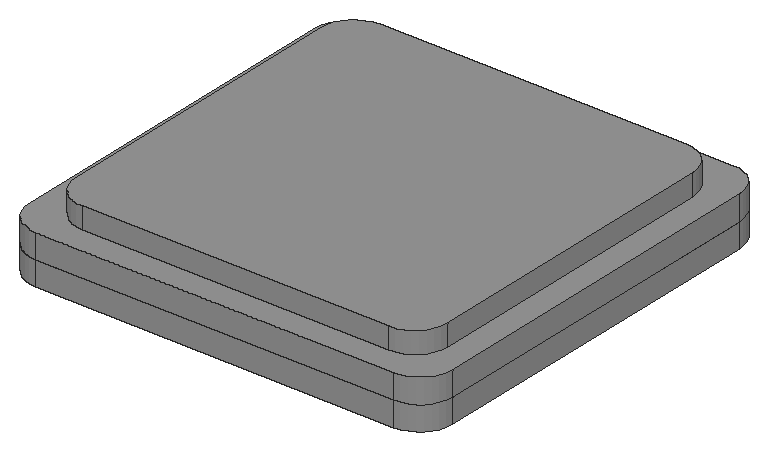
Revit family "FMS2_63_UN_Surface-mounted_ETK", category Lighting Fixtures, Revit 2019 (continued)
Definition of nested family "FMS.2 - Lightsource"
  Types (14, lengths in mm): name | Wattage Comments | Wattage | built-in parameter 1150134 | Photometric Web File | built-in parameter 1150142 | built-in parameter 1150105 | Lumens | built-in parameter 1150107 | built-in parameter 1150106 | Apparent Load
      936\t157.5245\t150.5698\t143.7296\t137.0039\r\n130.3641\t123.8674\t117.4851\t111.2459\t104.9782\t98.7962\t92.7288\t86.7472\t80.8515\t75.013\r\n69.8042\t64.8243\t59.9017\t55.0363\t50.2281\t42.5579\t24.9223\t7.2037\t0\t0\r\n0\r\n985.1004\t984.2418\t983.3832\t982.8108\t982.2384\t981.3798\t980.5212\t979.9488\t979.3764\t978.5178\r\n977.373\t976.2282\t974.7972\t973.3662\t972.5076\t971.3628\t969.6456\t967.9284\t965.925\t963.9216\r\n962.7768\t961.3458\t959.3424\t956.7666\t954.477\t952.1874\t950.184\t947.8944\t945.6048\t943.3152\r\n940.7394\t937.8774\t935.3016\t932.1534\t929.2914\t926.4294\t923.2812\t920.133\t916.9848\t913.8366\r\n910.116\t906.9678\t903.5334\t900.3852\t896.6646\t893.2302\t889.5096\t885.789\t882.0684\t878.3478\r\n874.6272\t870.6204\t866.6136\t862.0344\t857.7414\t852.876\t848.0106\t843.4314\t838.566\t833.1282\r\n827.6904\t822.2526\t816.8148\t811.6632\t806.7978\t801.6462\t796.4946\t791.0568\t785.3328\t779.3226\r\n773.5986\t768.1608\t762.723\t757.2852\t751.5612\t745.8372\t739.827\t734.103\t728.0928\t722.0826\r\n716.0724\t710.0622\t704.052\t697.7556\t691.7454\t685.449\t679.4388\t673.1424\t666.5598\t660.2634\r\n653.967\t647.6706\t641.3742\t635.0778\t628.4952\t621.3402\t613.899\t606.4578\t599.3028\t592.1478\r\n584.9928\t577.8378\t570.3966\t562.9554\t555.5142\t548.073\t540.6318\t533.4768\t526.0356\t518.5944\r\n511.1532\t503.712\t496.2708\t489.1158\t481.6746\t474.2334\t466.7922\t459.351\t451.9098\t444.1824\r\n436.1688\t428.4414\t420.4278\t412.128\t404.1144\t396.387\t388.6596\t380.646\t372.6324\t364.905\r\n357.1776\t349.4502\t342.009\t333.9954\t326.5542\t318.8268\t310.8132\t302.5134\t294.4998\t286.2\r\n278.3581\t270.2873\t262.2737\t254.2887\t246.4754\t238.7194\t231.0779\t223.3791\t215.7376\t208.0102\r\n200.4831\t193.0705\t185.7438\t178.5029\t171.3479\t164.2502\t157.2669\t150.3695\t143.5579\t136.775\r\n130.0779\t123.4381\t116.8841\t110.416\t104.0051\t97.6801\t91.5554\t86.089\t80.6512\t75.2706\r\n69.9473\t64.6526\t59.4151\t54.1777\t39.7818\t24.3327\t8.8636\t0\t0\t0\r\n0\r\n985.1004\t984.2418\t983.3832\t982.5246\t981.9522\t981.3798\t980.235\t979.3764\t978.804\t977.9454\r\n976.8006\t975.6558\t974.2248\t972.7938\t971.649\t970.5042\t969.0732\t967.356\t965.6388\t963.6354\r\n961.9182\t960.4872\t959.0562\t956.7666\t954.1908\t951.9012\t949.8978\t947.6082\t945.3186\t943.029\r\n940.7394\t938.4498\t935.5878\t933.012\t929.8638\t927.0018\t923.8536\t920.9916\t917.8434\t914.6952\r\n911.547\t908.1126\t904.9644\t901.53\t898.3818\t895.2336\t891.2268\t886.9338\t882.3546\t878.0616\r\n873.7686\t869.4756\t864.8964\t860.3172\t855.738\t850.5864\t845.721\t840.8556\t835.9902\t831.1248\r\n826.2594\t821.1078\t815.9562\t810.8046\t805.3668\t800.2152\t795.0636\t790.1982\t785.0466\t779.895\r\n774.4572\t768.7332\t763.0092\t757.5714\t752.1336\t746.6958\t741.258\t735.534\t730.0962\t724.6584\r\n718.9344\t713.2104\t706.6278\t699.759\t693.1764\t686.5938\t679.725\t673.1424\t666.2736\t659.4048\r\n652.536\t645.6672\t638.5122\t631.6434\t624.7746\t617.9058\t611.037\t604.1682\t597.2994\t590.4306\r\n583.5618\t576.4068\t569.2518\t562.0968\t555.228\t548.073\t540.918\t534.0492\t526.8942\t519.1668\r\n511.4394\t503.712\t495.9846\t488.2572\t480.816\t473.0886\t465.3612\t457.6338\t450.1926\t442.7514\r\n435.024\t427.5828\t420.1416\t412.4142\t404.6868\t397.2456\t389.8044\t382.077\t373.7772\t365.7636\r\n357.4638\t349.164\t340.8642\t332.8506\t324.837\t316.8234\t308.8098\t300.7962\t293.0688\t285.1124\r\n277.2706\t269.4287\t261.3865\t253.5446\t245.7886\t238.0898\t230.4196\t222.8067\t215.251\t207.7812\r\n200.3686\t193.0705\t185.7724\t178.5316\t171.2621\t164.0785\t156.9521\t149.9116\t142.8997\t135.945\r\n129.1048\t122.2933\t115.5676\t109.2998\t103.4899\t97.7373\t92.0133\t86.3465\t80.6798\t75.0989\r\n69.518\t63.9657\t53.8628\t39.5815\t25.2715\t10.9586\t0\t0\t0\t0\r\n0\r\n985.1004\t984.2418\t983.097\t982.5246\t981.666\t981.0936\t979.9488\t979.0902\t978.2316\t977.6592\r\n976.5144\t975.3696\t973.9386\t972.5076\t971.0766\t969.9318\t968.787\t967.0698\t965.3526\t963.6354\r\n961.632\t959.9148\t958.4838\t957.0528\t954.7632\t952.1874\t949.8978\t947.8944\t945.6048\t943.3152\r\n941.0256\t938.736\t936.7326\t934.1568\t931.2948\t928.719\t925.5708\t922.4226\t919.5606\t916.4124\r\n912.4056\t908.685\t904.6782\t900.6714\t896.6646\t892.6578\t888.651\t884.6442\t880.3512\t876.3444\r\n871.7652\t867.4722\t862.893\t858.6\t854.307\t849.7278\t845.1486\t840.2832\t835.704\t830.8386\r\n825.9732\t821.1078\t816.2424\t811.6632\t806.5116\t801.6462\t796.4946\t791.343\t786.1914\t781.326\r\n776.4606\t771.309\t766.4436\t760.4334\t753.8508\t747.5544\t741.258\t734.9616\t728.6652\t722.3688\r\n716.0724\t709.776\t703.4796\t697.1832\t690.6006\t684.3042\t677.7216\t671.139\t664.8426\t658.26\r\n651.6774\t645.0948\t638.5122\t631.9296\t625.347\t618.7644\t612.1818\t605.313\t598.158\t591.003\r\n583.848\t576.693\t569.538\t562.0968\t554.9418\t547.5006\t540.0594\t532.6182\t525.177\t517.7358\r\n510.2946\t503.1396\t495.9846\t488.5434\t481.1022\t473.9472\t466.506\t459.351\t452.196\t444.1824\r\n436.1688\t427.869\t419.8554\t411.5556\t403.542\t395.5284\t387.5148\t379.5012\t371.7738\t363.7602\r\n356.0328\t348.0192\t340.2918\t332.5644\t324.837\t316.8234\t308.8098\t300.51\t292.4964\t284.6545\r\n276.7554\t268.9421\t261.1575\t253.4301\t245.7599\t238.1184\t230.5341\t223.007\t215.5086\t207.9243\r\n200.3686\t192.8988\t185.429\t178.045\t170.6897\t163.3916\t156.1221\t148.9385\t141.8121\t134.7143\r\n128.2462\t122.1502\t116.0827\t110.0439\t104.0337\t98.0521\t92.1278\t86.2034\t80.3363\t74.4692\r\n68.0297\t54.4066\t40.7835\t27.1575\t13.5172\t0\t0\t0\t0\t0\r\n0\r\n985.1004\t983.9556\t983.097\t982.2384\t981.666\t980.8074\t979.6626\t978.804\t977.9454\t977.0868\r\n976.2282\t975.0834\t973.9386\t972.5076\t970.7904\t969.3594\t968.2146\t966.7836\t965.3526\t963.6354\r\n961.9182\t959.9148\t958.1976\t956.7666\t955.0494\t953.046\t950.7564\t948.4668\t946.1772\t944.1738\r\n941.8842\t939.5946\t937.305\t935.3016\t933.012\t929.8638\t926.1432\t922.4226\t918.4158\t914.409\r\n910.6884\t906.6816\t902.961\t899.2404\t895.5198\t891.513\t887.5062\t883.2132\t879.4926\t875.4858\r\n871.1928\t867.186\t862.893\t858.3138\t854.0208\t849.7278\t845.4348\t841.1418\t836.2764\t831.6972\r\n827.118\t822.5388\t818.2458\t813.6666\t809.0874\t804.222\t798.2118\t792.4878\t786.4776\t780.7536\r\n775.0296\t769.0194\t763.0092\t756.999\t751.275\t745.2648\t739.2546\t733.5306\t727.5204\t721.224\r\n714.9276\t708.6312\t702.621\t696.3246\t690.3144\t684.3042\t678.0078\t671.7114\t665.415\t659.1186\r\n653.1084\t646.2396\t639.3708\t632.502\t625.347\t618.192\t611.037\t603.882\t596.727\t589.8582\r\n582.7032\t575.5482\t568.3932\t561.5244\t554.3694\t547.2144\t540.3456\t533.1906\t526.3218\t519.1668\r\n512.0118\t505.143\t497.4156\t489.402\t481.3884\t473.661\t465.6474\t457.6338\t449.6202\t441.8928\r\n433.8792\t426.1518\t418.4244\t410.697\t402.6834\t394.956\t387.2286\t379.5012\t371.7738\t364.0464\r\n356.0328\t348.0192\t340.0056\t331.992\t323.9784\t315.9648\t307.9512\t300.2238\t292.2102\t284.4828\r\n276.784\t269.1139\t261.4723\t253.8594\t246.1034\t238.2901\t230.5055\t222.7781\t215.1079\t207.4378\r\n199.7962\t192.2119\t184.6849\t177.1864\t169.7452\t162.3326\t154.9487\t148.1371\t141.7262\t135.3726\r\n129.0476\t122.7512\t116.4834\t110.2442\t104.0623\t97.8804\t91.6985\t85.5738\t79.4491\t69.4321\r\n56.2097\t43.0159\t29.7934\t16.5824\t3.3629\t0\t0\t0\t0\t0\r\n0\r\n985.1004\t983.9556\t983.097\t982.2384\t981.3798\t980.5212\t979.6626\t978.5178\t977.6592\t976.8006\r\n975.6558\t974.7972\t973.6524\t972.5076\t971.0766\t969.3594\t967.9284\t966.4974\t965.0664\t963.6354\r\n961.9182\t960.4872\t958.77\t956.7666\t955.3356\t953.6184\t951.9012\t949.8978\t947.6082\t945.3186\r\n943.029\t940.7394\t937.5912\t934.1568\t930.7224\t927.5742\t924.426\t921.2778\t917.5572\t913.8366\r\n910.116\t906.1092\t902.1024\t898.0956\t894.375\t890.6544\t887.22\t883.4994\t879.7788\t875.4858\r\n871.479\t867.4722\t863.4654\t859.7448\t855.4518\t851.1588\t847.152\t842.5728\t838.2798\t833.9868\r\n828.549\t823.3974\t817.9596\t812.2356\t806.5116\t801.0738\t795.636\t790.1982\t784.4742\t779.0364\r\n773.3124\t767.5884\t761.8644\t756.1404\t750.7026\t744.9786\t739.2546\t733.2444\t727.5204\t721.5102\r\n715.7862\t709.776\t704.052\t698.328\t692.604\t685.7352\t678.5802\t671.7114\t664.5564\t657.9738\r\n651.105\t644.5224\t637.6536\t630.7848\t623.916\t617.3334\t610.4646\t603.5958\t596.727\t590.1444\r\n583.2756\t576.4068\t569.8242\t562.9554\t556.0866\t549.2178\t541.4904\t533.4768\t526.0356\t518.3082\r\n510.867\t503.1396\t495.126\t487.3986\t479.6712\t471.9438\t464.2164\t456.7752\t449.0478\t441.3204\r\n433.593\t426.1518\t418.7106\t410.9832\t402.9696\t394.956\t386.9424\t378.9288\t371.2014\t363.1878\r\n355.1742\t347.4468\t339.4332\t331.7058\t323.6922\t315.9648\t308.2374\t300.51\t292.7826\t284.998\r\n277.0988\t269.1425\t261.2434\t253.3442\t245.5024\t237.6891\t229.8758\t222.1198\t214.3638\t206.665\r\n198.9662\t191.3247\t183.6832\t176.0989\t168.858\t162.2468\t155.6356\t149.0816\t142.5276\t136.0022\r\n129.5055\t123.0374\t116.5693\t110.1298\t103.7189\t97.308\t90.9257\t84.5721\t72.0652\t59.1003\r\n46.1641\t33.1992\t20.2458\t7.2895\t0\t0\t0\t0\t0\t0\r\n0\r\n985.1004\t983.9556\t983.097\t981.9522\t981.0936\t980.5212\t979.3764\t978.5178\t977.373\t976.5144\r\n975.3696\t974.511\t973.3662\t972.2214\t971.0766\t969.6456\t968.2146\t966.4974\t965.0664\t963.6354\r\n962.2044\t960.7734\t959.0562\t957.6252\t955.908\t954.1908\t952.4736\t951.0426\t949.3254\t946.1772\r\n942.7428\t939.3084\t936.1602\t932.7258\t929.5776\t926.1432\t922.995\t919.5606\t916.4124\t912.978\r\n909.8298\t906.1092\t902.6748\t898.9542\t894.9474\t890.9406\t886.9338\t883.4994\t879.7788\t876.0582\r\n872.6238\t869.1894\t865.4688\t861.462\t857.4552\t852.5898\t847.7244\t842.5728\t837.4212\t831.9834\r\n826.8318\t821.394\t815.9562\t810.5184\t805.0806\t799.929\t794.7774\t789.6258\t784.188\t778.7502\r\n773.3124\t767.8746\t762.1506\t756.7128\t750.9888\t745.551\t740.1132\t734.6754\t729.2376\t723.2274\r\n716.6448\t710.0622\t703.7658\t697.1832\t690.6006\t683.7318\t677.1492\t670.5666\t663.984\t657.4014\r\n651.105\t644.5224\t637.9398\t631.6434\t624.7746\t618.192\t611.3232\t604.4544\t597.8718\t591.5754\r\n584.7066\t577.2654\t569.538\t562.0968\t554.6556\t547.2144\t539.487\t532.0458\t524.6046\t517.1634\r\n509.436\t501.9948\t494.2674\t486.8262\t479.385\t471.9438\t464.5026\t457.0614\t449.6202\t442.179\r\n434.1654\t426.1518\t418.1382\t410.4108\t402.3972\t394.6698\t386.6562\t378.9288\t370.9152\t363.1878\r\n355.1742\t347.4468\t339.7194\t331.992\t324.2646\t316.5372\t308.5236\t300.51\t292.4964\t284.54\r\n276.5837\t268.6273\t260.7282\t252.8005\t244.9013\t237.0308\t229.1603\t221.3471\t213.5624\t205.7778\r\n198.0504\t190.323\t183.397\t176.5854\t169.8311\t163.0768\t156.3224\t149.6254\t142.9283\t136.2312\r\n129.5627\t122.9229\t116.2831\t109.6432\t103.0606\t96.4494\t88.5503\t75.7571\t62.964\t50.1709\r\n37.3491\t24.5674\t11.7714\t0\t0\t0\t0\t0\t0\t0\r\n0\r\n985.1004\t983.9556\t982.8108\t981.9522\t981.0936\t980.235\t979.3764\t978.2316\t977.0868\t976.2282\r\n975.0834\t974.2248\t973.08\t971.9352\t970.7904\t969.9318\t968.5008\t967.0698\t965.6388\t963.9216\r\n962.4906\t961.0596\t959.6286\t957.9114\t956.4804\t955.0494\t953.3322\t950.4702\t947.6082\t944.7462\r\n941.598\t938.736\t935.5878\t932.1534\t929.0052\t925.5708\t922.4226\t918.9882\t915.84\t912.4056\r\n909.2574\t905.823\t902.6748\t899.2404\t895.806\t892.3716\t888.9372\t885.2166\t881.7822\t877.7754\r\n873.7686\t869.7618\t864.8964\t860.031\t855.4518\t850.5864\t846.0072\t841.1418\t835.9902\t830.8386\r\n825.687\t820.2492\t815.3838\t810.2322\t805.3668\t799.929\t794.7774\t789.3396\t784.188\t778.7502\r\n773.5986\t768.447\t763.2954\t758.1438\t752.9922\t746.982\t740.6856\t734.3892\t728.0928\t721.7964\r\n715.2138\t708.6312\t702.3348\t695.7522\t689.4558\t683.1594\t676.863\t670.5666\t664.2702\t657.6876\r\n651.3912\t645.0948\t638.7984\t632.502\t626.2056\t619.623\t612.468\t604.7406\t597.2994\t590.1444\r\n582.7032\t575.5482\t568.3932\t560.952\t553.797\t546.3558\t539.2008\t531.7596\t524.3184\t516.8772\r\n509.436\t501.9948\t494.8398\t487.6848\t480.2436\t472.8024\t464.7888\t457.0614\t449.0478\t441.0342\r\n433.3068\t425.2932\t417.5658\t409.8384\t402.111\t394.3836\t386.6562\t378.9288\t370.9152\t363.1878\r\n355.4604\t347.733\t340.0056\t331.992\t323.9784\t315.9648\t307.9512\t299.9376\t291.924\t283.9104\r\n275.9254\t267.9691\t260.0127\t252.085\t244.1572\t236.2581\t228.3876\t220.5171\t212.6752\t204.9764\r\n198.0504\t191.0957\t184.1983\t177.2723\t170.4035\t163.5061\t156.6373\t149.7685\t142.9283\t136.1167\r\n129.3052\t122.5222\t115.7393\t108.9563\t102.202\t93.1295\t80.4222\t67.7435\t55.0363\t42.329\r\n29.6217\t16.9144\t4.2129\t0\t0\t0\t0\t0\t0\t0\r\n0\r\n985.1004\t983.9556\t982.8108\t981.9522\t980.8074\t979.9488\t979.0902\t978.2316\t977.0868\t976.2282\r\n975.0834\t973.9386\t973.08\t971.9352\t970.7904\t969.6456\t968.5008\t967.6422\t966.2112\t964.7802\r\n963.3492\t961.632\t960.201\t958.77\t957.339\t954.7632\t951.9012\t949.3254\t946.4634\t943.6014\r\n940.4532\t937.5912\t934.7292\t931.581\t928.719\t925.5708\t922.4226\t919.2744\t916.1262\t912.978\r\n909.5436\t906.3954\t902.961\t899.8128\t896.3784\t893.2302\t890.082\t886.6476\t883.2132\t878.3478\r\n873.4824\t868.9032\t864.0378\t859.4586\t854.5932\t849.4416\t844.5762\t839.4246\t834.5592\t829.6938\r\n824.8284\t820.2492\t815.3838\t810.5184\t805.653\t800.7876\t795.636\t790.4844\t785.3328\t780.4674\r\n775.3158\t769.5918\t763.5816\t757.5714\t751.275\t744.9786\t738.9684\t732.672\t726.3756\t720.3654\r\n714.069\t707.7726\t701.7624\t695.7522\t689.4558\t683.4456\t677.1492\t671.139\t665.1288\t659.1186\r\n652.8222\t646.812\t639.9432\t632.502\t625.347\t617.9058\t610.7508\t603.5958\t596.4408\t589.2858\r\n582.1308\t574.9758\t567.8208\t560.6658\t553.5108\t546.3558\t539.2008\t532.0458\t524.6046\t517.4496\r\n510.2946\t502.8534\t495.126\t487.1124\t479.385\t471.3714\t463.644\t455.9166\t448.1892\t440.4618\r\n432.7344\t425.007\t417.2796\t409.5522\t401.8248\t394.0974\t386.37\t378.6426\t370.9152\t363.1878\r\n355.4604\t347.4468\t339.4332\t331.4196\t323.406\t315.3924\t307.3788\t299.3652\t291.3516\t283.338\r\n275.353\t267.3967\t259.4403\t251.5126\t243.5562\t235.6571\t227.7293\t220.0306\t212.99\t205.9495\r\n198.909\t191.8971\t184.9138\t177.9019\t170.9186\t163.964\t156.9807\t150.026\t143.1\t136.1453\r\n129.2193\t122.3219\t115.3958\t108.4984\t99.0824\t86.3752\t73.6679\t60.9606\t48.2819\t35.5747\r\n22.8788\t10.1801\t0\t0\t0\t0\t0\t0\t0\t0\r\n0\r\n985.1004\t983.9556\t982.8108\t981.9522\t980.8074\t979.9488\t979.0902\t977.9454\t977.0868\t975.942\r\n975.0834\t973.9386\t973.08\t971.9352\t970.7904\t969.6456\t968.5008\t967.356\t966.4974\t965.3526\r\n964.2078\t963.063\t961.3458\t959.9148\t957.0528\t954.1908\t951.3288\t948.4668\t945.6048\t942.7428\r\n939.8808\t937.0188\t934.1568\t931.2948\t928.1466\t925.2846\t922.1364\t919.2744\t916.1262\t913.2642\r\n910.116\t907.254\t904.1058\t900.9576\t898.0956\t894.9474\t891.2268\t886.3614\t881.496\t876.9168\r\n872.3376\t867.7584\t862.893\t858.3138\t853.7346\t848.8692\t844.0038\t839.4246\t834.8454\t829.98\r\n825.4008\t820.8216\t816.2424\t811.377\t806.5116\t801.6462\t796.4946\t791.6292\t786.1914\t780.1812\r\n774.4572\t768.447\t762.4368\t756.4266\t750.4164\t744.4062\t738.6822\t732.3858\t726.3756\t720.3654\r\n714.3552\t708.345\t702.3348\t696.3246\t690.3144\t684.3042\t678.294\t672.2838\t666.2736\t659.4048\r\n652.2498\t645.381\t638.226\t631.071\t623.916\t616.761\t609.8922\t602.7372\t595.8684\t588.7134\r\n581.5584\t574.6896\t567.8208\t560.6658\t553.5108\t546.642\t539.487\t532.332\t525.177\t517.4496\r\n509.7222\t501.9948\t494.2674\t486.54\t478.8126\t471.0852\t463.3578\t455.6304\t448.1892\t440.4618\r\n432.7344\t425.007\t417.5658\t409.8384\t402.111\t394.6698\t386.9424\t379.215\t371.2014\t363.1878\r\n355.1742\t347.1606\t338.8608\t330.8472\t322.8336\t314.82\t306.8064\t298.7928\t290.7792\t282.737\r\n274.7806\t266.8243\t258.8965\t250.9402\t243.0124\t235.1133\t227.9583\t220.8033\t213.6769\t206.5505\r\n199.4528\t192.355\t185.2573\t178.1595\t171.0617\t163.9926\t156.9235\t149.8543\t142.8138\t135.7733\r\n128.7328\t121.6922\t114.6517\t105.5792\t92.9005\t80.2219\t67.5718\t54.8932\t42.2145\t29.5645\r\n16.8972\t4.2329\t0\t0\t0\t0\t0\t0\t0\t0\r\n0\r\n985.1004\t983.9556\t982.8108\t981.9522\t980.8074\t979.9488\t978.804\t977.9454\t977.0868\t975.942\r\n975.0834\t973.9386\t973.08\t971.9352\t971.0766\t969.9318\t968.787\t967.6422\t966.4974\t965.3526\r\n964.2078\t963.3492\t962.2044\t959.6286\t957.0528\t954.1908\t951.3288\t948.1806\t945.3186\t942.4566\r\n939.5946\t936.7326\t933.8706\t931.0086\t928.1466\t925.2846\t922.4226\t919.5606\t916.6986\t913.8366\r\n910.6884\t907.8264\t904.6782\t901.8162\t898.3818\t893.8026\t889.5096\t884.9304\t880.6374\t876.0582\r\n871.479\t866.8998\t862.6068\t857.7414\t853.1622\t848.583\t844.0038\t839.7108\t835.1316\t830.5524\r\n825.9732\t821.1078\t816.5286\t811.6632\t807.084\t802.5048\t796.4946\t790.7706\t785.0466\t779.0364\r\n773.3124\t767.5884\t761.8644\t755.8542\t750.1302\t744.4062\t738.396\t732.3858\t726.3756\t720.3654\r\n714.3552\t708.6312\t702.621\t696.897\t690.8868\t685.1628\t678.8664\t671.9976\t665.1288\t658.26\r\n651.105\t644.2362\t637.3674\t630.4986\t623.6298\t616.761\t609.606\t602.7372\t595.5822\t588.7134\r\n581.5584\t574.6896\t567.8208\t560.6658\t553.797\t546.9282\t539.7732\t532.332\t524.6046\t516.8772\r\n509.1498\t501.7086\t493.9812\t486.2538\t478.8126\t471.0852\t463.644\t455.9166\t448.1892\t440.748\r\n433.0206\t425.5794\t417.852\t410.4108\t402.6834\t395.2422\t386.9424\t378.9288\t370.9152\t362.9016\r\n354.6018\t346.5882\t338.5746\t330.561\t322.5474\t314.5338\t306.5202\t298.5066\t290.493\t282.5366\r\n274.5517\t266.5667\t258.6103\t250.6253\t243.0697\t235.8288\t228.6452\t221.4329\t214.2493\t207.0371\r\n199.8535\t192.6698\t185.5148\t178.3312\t171.1762\t163.9926\t156.8376\t149.7112\t142.5562\t135.4012\r\n128.2748\t121.1198\t113.1062\t100.4562\t87.7775\t75.1275\t62.4488\t49.7988\t37.1201\t24.473\r\n11.8115\t0\t0\t0\t0\t0\t0\t0\t0\t0\r\n0\r\n985.1004\t983.9556\t982.8108\t981.9522\t980.8074\t979.9488\t978.804\t977.9454\t977.0868\t975.942\r\n975.0834\t973.9386\t973.08\t971.9352\t971.0766\t969.9318\t969.0732\t967.9284\t967.0698\t965.925\r\n964.7802\t963.6354\t961.3458\t958.4838\t955.908\t953.3322\t950.47
